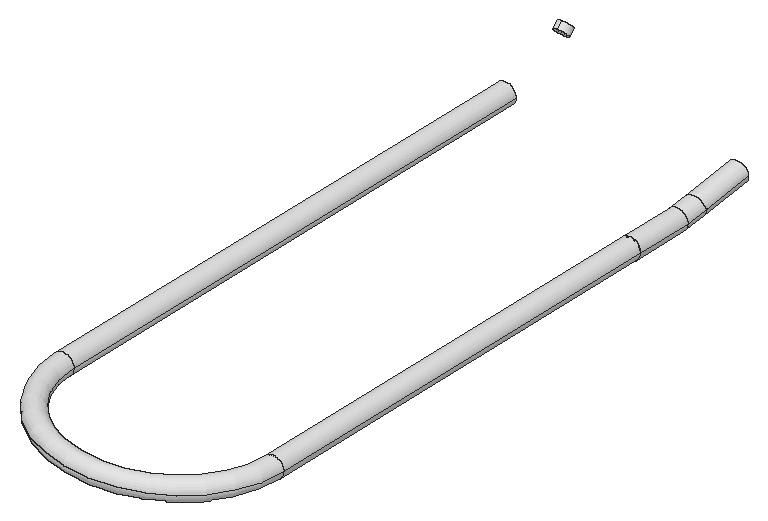
Revit family "Deca_Ducha higiênica com registro_Max_1984.34.ACT", category Plumbing Fixtures, host Face, Revit 2020
Family settings
  Host = Face
  Round Connector Dimension = Use Radius
  Part Type = Normal
  Cut with Voids When Loaded = No
  Shared = No
  Room Calculation Point = No
Parameters (values of type "1984.C34.ACT_Cromado")
  Vazão na Pressão mín. (L/min) = "4"
  Vazão na Pressão máx. (L/min) = "6"
  URL = "www.deca.com.br"
  Tipo de rosca de saída = ""
  Tipo de rosca de entrada = "BSP NBR 8133"
  Tipo de mecanismo utilizado = "MVC -1/4 volta"
  Tipo de dispositivo economizador = "Sim"
  Segmento = "Banheiro Competitivo (D41)"
  Saída de Esgoto = ""
  Raio Água Fria = 0.0075 m  # constant formula
  Pressão mín. funcionamento = "2"
  Pressão mín. Aquec. Passagem = ""
  Pressão mín. Aquec. Acúmulo = ""
  Pressão máx. funcionamento = "40"
  Peso Líquido (Kg) = 0.681
  Norma = "NBR14877"
  Model = "1984.C34.ACT"
  Material Secundário = Deca_Branco
  Material = Deca_Cromado
  Manufacturer = "DECA"
  Linha = "Max"
  Itens de Instalação = ""
  Informações Complementares = ""
  Default Elevation = 0.70 m
  Diâmetro Água Fria = 2 * Raio Água Fria  # 0.015 m
  Código Pai = "1984.34.ACT"
  Criado por = "quattroD"
  Cores Componente = ""
  Cor Secundária = "Branco"
  Cor Principal = "Cromado"
  Cor Interna = ""
  Consumo = "Otimização do jato de água"
  Composição Componente = ""
  Composição Básica = "Liga cobre (bronze e latão);Aço;Plástico de Engenharia;Elastômeros"
  Composição Assento = ""
  Composição Anel Vedação = ""
  Categoria = "Metais para banheiro"
  Atendimento ao Cliente = "0800-0117073"
  Aprovado por = "quattroD"
  Acompanha o Produto = ""
Reference planes (m)
  plane 1 "Center (Front/Back)": y = 0
  plane 2: z = 0
  plane 3 "Center (Left/Right)": x = 0
Forms (m)
  Sweep 1, solid, material "Deca_Cromado" <- "Material"
    path origin (-0.000012, -0.693563, 0.034155) x (0, -1, 0) y (0.996195, 0, -0.087156)
      loop
        line (-0.659743, 0.000001) -> (-0.134541, 0.000001)
        arc (-0.134541, 0.000001) -> (-0.034362, 0.10018) -> (-0.134541, 0.20036) r 0.100179
        line (-0.134541, 0.20036) -> (-0.558206, 0.20036)
    profile origin (-0.00001, -0.296421, 0.034155) x (0.996195, 0, -0.087156) y (0.087156, 0, 0.996195)
      loop
        circle (0, 0) r 0.01
  Sweep 2, solid, material "Deca_Cromado" <- "Material"
    path origin (0.303261, 0.091519, 1.199229) x (0, 1, 0) y (0.087156, 0, 0.996195)
      loop
        line (-0.227488, -1.187053) -> (-0.170394, -1.187053)
        arc (-0.170394, -1.187053) -> (-0.159761, -1.186496) -> (-0.149244, -1.18483) r 0.101728
        arc (-0.149244, -1.18483) -> (-0.124484, -1.180241) -> (-0.099519, -1.176955) r 0.480979
    profile origin (0.199802, -0.107422, 0.016692) x (0.087156, 0, 0.996195) y (0.996195, 0, -0.087156)
      loop
        spline (-0.000077, -0.010216) -> (0.002481, -0.009876) -> (0.004864, -0.008877) -> (0.00691, -0.007287) -> (0.008481, -0.005216) -> (0.009468, -0.002805) -> (0.009804, -0.000216) -> (0.009468, 0.002372) -> (0.008481, 0.004784) -> (0.00691, 0.006855) -> (0.004864, 0.008444) -> (0.002481, 0.009443) -> (-0.000077, 0.009784)
        spline (-0.000077, 0.009784) -> (-0.002634, 0.009443) -> (-0.005017, 0.008444) -> (-0.007064, 0.006855) -> (-0.008634, 0.004784) -> (-0.009621, 0.002372) -> (-0.009958, -0.000216) -> (-0.009621, -0.002805) -> (-0.008634, -0.005216) -> (-0.007064, -0.007287) -> (-0.005017, -0.008877) -> (-0.002634, -0.009876) -> (-0.000077, -0.010216)
  Extrusion 3, solid, material "Deca_Cromado" <- "Material"
    sketch origin (0, 0.030998, 0.054144) x (0, -0.707107, 0.707107) y (1, 0, 0)
      loop
        circle (0, 0) r 0.006867
    from 0.002956 to 0.010319
Lines and regions (m)
  Masking region 1
    outline origin (-1.329759, -0.905957, 0.027128) x (0, -1, 0) y (1, 0, 0)
      loop
        line (-0.872639, 1.322756) -> (-0.346268, 1.322756)
        arc (-0.346268, 1.322756) -> (-0.239282, 1.429742) -> (-0.346268, 1.536728) r 0.106986
        line (-0.346268, 1.536728) -> (-0.89859, 1.53673) -> (-0.89859, 1.546735) -> (-0.921226, 1.546735)
        arc (-0.921226, 1.546735) -> (-0.921808, 1.546548) -> (-0.922173, 1.546057) r 0.001
        arc (-0.922173, 1.546057) -> (-0.922781, 1.544144) -> (-0.923312, 1.542208) r 0.050752
        arc (-0.923312, 1.542208) -> (-0.92368, 1.542795) -> (-0.92422, 1.543229) r 0.002071
        line (-0.92422, 1.543229) -> (-0.958041, 1.541582) -> (-0.986034, 1.538272)
        arc (-0.986034, 1.538272) -> (-0.98829, 1.54047) -> (-0.991041, 1.542003) r 0.011964
        arc (-0.991041, 1.542003) -> (-0.992856, 1.54253) -> (-0.994738, 1.542707) r 0.010056
        line (-0.994738, 1.542707) -> (-1.007203, 1.542707)
        arc (-1.007203, 1.542707) -> (-1.01292, 1.541124) -> (-1.017477, 1.537324) r 0.014066
        arc (-1.017477, 1.537324) -> (-1.019818, 1.52983) -> (-1.017585, 1.522302) r 0.013479
        arc (-1.017585, 1.522302) -> (-1.012638, 1.518218) -> (-1.006392, 1.516755) r 0.014066
        line (-1.006392, 1.516755) -> (-0.994467, 1.516755)
        arc (-0.994467, 1.516755) -> (-0.992724, 1.516955) -> (-0.991041, 1.517455) r 0.010056
        arc (-0.991041, 1.517455) -> (-0.98829, 1.518989) -> (-0.986034, 1.521186) r 0.011964
        line (-0.986034, 1.521186) -> (-0.958041, 1.517877) -> (-0.924188, 1.516228)
        arc (-0.924188, 1.516228) -> (-0.923664, 1.516661) -> (-0.923308, 1.51724) r 0.002071
        arc (-0.923308, 1.51724) -> (-0.922778, 1.515313) -> (-0.922173, 1.513408) r 0.050752
        arc (-0.922173, 1.513408) -> (-0.921808, 1.512916) -> (-0.921226, 1.512729) r 0.001
        line (-0.921226, 1.512729) -> (-0.89859, 1.512729) -> (-0.89859, 1.522728) -> (-0.346268, 1.522728)
        arc (-0.346268, 1.522728) -> (-0.253293, 1.429753) -> (-0.346268, 1.336778) r 0.092975
        line (-0.346268, 1.336778) -> (-0.872639, 1.336778) -> (-0.872639, 1.322756)
  Masking region 2
    outline origin (0, -1.887733, -0.761901) x (0, 1, 0) y (0, 0, 1)
      loop
        arc (1.222553, 0.791128) -> (1.21907, 0.783659) -> (1.224898, 0.777831) r 0.007184
        arc (1.224898, 0.777831) -> (1.249708, 0.774344) -> (1.274702, 0.772597) r 0.35895
        line (1.274702, 0.772597) -> (1.809702, 0.772597) -> (1.87258, 0.780317)
        arc (1.87258, 0.780317) -> (1.874328, 0.777788) -> (1.875175, 0.774832) r 0.009492
        line (1.875175, 0.774832) -> (1.873173, 0.774832) -> (1.865153, 0.764883) -> (1.865153, 0.761901) -> (1.910312, 0.761901) -> (1.910312, 0.764884) -> (1.906013, 0.770194) -> (1.906013, 0.781061) -> (1.905731, 0.782314) -> (1.90734, 0.782387) -> (1.907688, 0.780417) -> (1.941201, 0.787997) -> (1.964526, 0.794968) -> (1.975447, 0.771682) -> (1.976509, 0.769418) -> (1.97846, 0.766645)
        arc (1.97846, 0.766645) -> (1.978909, 0.766332) -> (1.979454, 0.766381) r 0.0008
        line (1.979454, 0.766381) -> (2.000501, 0.776253)
        arc (2.000501, 0.776253) -> (2.000887, 0.776641) -> (2.000933, 0.777186) r 0.0008
        line (2.000933, 0.777186) -> (2.000048, 0.780459) -> (1.991858, 0.797921)
        arc (1.991858, 0.797921) -> (1.991841, 0.798304) -> (1.992099, 0.798587) r 0.0005
        line (1.992099, 0.798587) -> (1.995171, 0.800025) -> (1.991355, 0.808176) -> (1.988282, 0.806737)
        arc (1.988282, 0.806737) -> (1.985121, 0.814224) -> (1.980507, 0.820914) r 0.0399
        arc (1.980507, 0.820914) -> (1.979732, 0.821562) -> (1.978785, 0.821915) r 0.003
        line (1.978785, 0.821915) -> (1.969597, 0.823664)
        arc (1.969597, 0.823664) -> (1.952053, 0.826389) -> (1.934406, 0.828334) r 0.4
        line (1.934406, 0.828334) -> (1.923206, 0.839533)
        arc (1.923206, 0.839533) -> (1.918329, 0.842793) -> (1.913234, 0.845703) r 0.083735
        arc (1.913234, 0.845703) -> (1.912505, 0.846101) -> (1.911727, 0.84581) r 0.001
        line (1.911727, 0.84581) -> (1.907643, 0.841725) -> (1.920514, 0.828854) -> (1.915412, 0.823544) -> (1.916429, 0.822527) -> (1.914339, 0.820437) -> (1.911599, 0.823176) -> (1.903472, 0.820999) -> (1.897696, 0.815222) -> (1.897696, 0.812979) -> (1.898297, 0.812378) -> (1.897076, 0.811157) -> (1.896146, 0.810908)
        arc (1.896146, 0.810908) -> (1.893098, 0.808918) -> (1.889525, 0.80822) r 0.0095
        line (1.889525, 0.80822) -> (1.865949, 0.80822) -> (1.865949, 0.805823) -> (1.86386, 0.805823) -> (1.86386, 0.806629) -> (1.853913, 0.806629) -> (1.853913, 0.802901) -> (1.318497, 0.802901)
        arc (1.318497, 0.802901) -> (1.282851, 0.801967) -> (1.247304, 0.79917) r 0.681084
        arc (1.247304, 0.79917) -> (1.234506, 0.796449) -> (1.222553, 0.791128) r 0.062585
  Masking region 3
    outline origin (-1.157944, -0.967681, 0) x (1, 0, 0) y (0, 1, 0)
      loop
        arc (1.344937, 1.056462) -> (1.345115, 1.05458) -> (1.345641, 1.052765) r 0.010056
        arc (1.345641, 1.052765) -> (1.347174, 1.050014) -> (1.349372, 1.047758) r 0.011964
        line (1.349372, 1.047758) -> (1.346062, 1.019765) -> (1.344414, 0.985912)
        arc (1.344414, 0.985912) -> (1.344847, 0.985388) -> (1.345426, 0.985032) r 0.002071
        arc (1.345426, 0.985032) -> (1.343498, 0.984502) -> (1.341593, 0.983897) r 0.050752
        arc (1.341593, 0.983897) -> (1.341102, 0.983532) -> (1.340915, 0.98295) r 0.001
        line (1.340915, 0.98295) -> (1.340915, 0.960314) -> (1.350913, 0.960314) -> (1.350913, 0.407992)
        arc (1.350913, 0.407992) -> (1.257939, 0.315017) -> (1.164964, 0.407992) r 0.092975
        line (1.164964, 0.407992) -> (1.164964, 0.934363) -> (1.17028, 0.935795) -> (1.17028, 0.944199) -> (1.168315, 0.944199) -> (1.168315, 0.946309) -> (1.170513, 0.946309) -> (1.170513, 0.949281)
        arc (1.170513, 0.949281) -> (1.180744, 0.967681) -> (1.171549, 0.986621) r 0.022809
        arc (1.171549, 0.986621) -> (1.171911, 0.98745) -> (1.172237, 0.988293) r 0.021941
        line (1.172237, 0.988293) -> (1.172237, 0.994139)
        arc (1.172237, 0.994139) -> (1.170243, 0.998881) -> (1.166911, 1.002801) r 0.01686
        arc (1.166911, 1.002801) -> (1.167919, 1.003005) -> (1.168944, 1.003073) r 0.007721
        line (1.168944, 1.003073) -> (1.182944, 1.003073)
        arc (1.182944, 1.003073) -> (1.183651, 1.003366) -> (1.183944, 1.004073) r 0.001
        line (1.183944, 1.004073) -> (1.183944, 1.01345)
        arc (1.183944, 1.01345) -> (1.183725, 1.014075) -> (1.183163, 1.014426) r 0.001
        arc (1.183163, 1.014426) -> (1.17578, 1.015824) -> (1.16832, 1.016726) r 0.112578
        arc (1.16832, 1.016726) -> (1.1652, 1.017797) -> (1.162944, 1.020204) r 0.006837
        line (1.162944, 1.020204) -> (1.162944, 1.028299)
        arc (1.162944, 1.028299) -> (1.162664, 1.028994) -> (1.16198, 1.029299) r 0.001
        arc (1.16198, 1.029299) -> (1.157944, 1.029371) -> (1.153908, 1.029299) r 0.112608
        arc (1.153908, 1.029299) -> (1.153225, 1.028994) -> (1.152944, 1.028299) r 0.001
        line (1.152944, 1.028299) -> (1.152944, 1.020204)
        arc (1.152944, 1.020204) -> (1.150689, 1.017797) -> (1.147568, 1.016726) r 0.006837
        arc (1.147568, 1.016726) -> (1.140109, 1.015824) -> (1.132726, 1.014426) r 0.112578
        arc (1.132726, 1.014426) -> (1.132164, 1.014075) -> (1.131944, 1.01345) r 0.001
        line (1.131944, 1.01345) -> (1.131944, 1.004073)
        arc (1.131944, 1.004073) -> (1.132237, 1.003366) -> (1.132944, 1.003073) r 0.001
        line (1.132944, 1.003073) -> (1.146944, 1.003073)
        arc (1.146944, 1.003073) -> (1.14797, 1.003005) -> (1.148977, 1.002801) r 0.007721
        arc (1.148977, 1.002801) -> (1.145646, 0.998881) -> (1.143651, 0.994139) r 0.01686
        line (1.143651, 0.994139) -> (1.143651, 0.988293)
        arc (1.143651, 0.988293) -> (1.143978, 0.98745) -> (1.144339, 0.986621) r 0.021941
        arc (1.144339, 0.986621) -> (1.135144, 0.967681) -> (1.145376, 0.949281) r 0.022809
        line (1.145376, 0.949281) -> (1.145376, 0.946309) -> (1.14757, 0.946309) -> (1.14757, 0.944199) -> (1.145608, 0.944199) -> (1.145608, 0.935854) -> (1.150941, 0.934363) -> (1.150941, 0.407992)
        arc (1.150941, 0.407992) -> (1.257927, 0.301006) -> (1.364916, 0.407992) r 0.106986
        line (1.364916, 0.407992) -> (1.364916, 0.960314) -> (1.374921, 0.960314) -> (1.374921, 0.98295)
        arc (1.374921, 0.98295) -> (1.374734, 0.983532) -> (1.374242, 0.983897) r 0.001
        arc (1.374242, 0.983897) -> (1.372329, 0.984505) -> (1.370394, 0.985037) r 0.050752
        arc (1.370394, 0.985037) -> (1.370981, 0.985404) -> (1.371414, 0.985944) r 0.002071
        line (1.371414, 0.985944) -> (1.369767, 1.019765) -> (1.366458, 1.047758)
        arc (1.366458, 1.047758) -> (1.368656, 1.050014) -> (1.370189, 1.052765) r 0.011964
        arc (1.370189, 1.052765) -> (1.370715, 1.05458) -> (1.370893, 1.056462) r 0.010056
        line (1.370893, 1.056462) -> (1.370893, 1.068927)
        arc (1.370893, 1.068927) -> (1.369309, 1.074644) -> (1.36551, 1.079201) r 0.014066
        arc (1.36551, 1.079201) -> (1.357918, 1.081542) -> (1.350326, 1.079201) r 0.013479
        arc (1.350326, 1.079201) -> (1.346339, 1.074273) -> (1.34492, 1.068095) r 0.014066
        line (1.34492, 1.068095) -> (1.344937, 1.056462)
  Masking region 4
    outline origin (1.377657, 0, -1.372912) x (-1, 0, 0) y (0, 0, 1)
      loop
        arc (1.194683, 1.38068) -> (1.215415, 1.382279) -> (1.236077, 1.384613) r 0.586123
        arc (1.236077, 1.384613) -> (1.275811, 1.387792) -> (1.315579, 1.390497) r 3.346225
        arc (1.315579, 1.390497) -> (1.340419, 1.392533) -> (1.365158, 1.395551) r 0.629156
        line (1.365158, 1.395551) -> (1.365158, 1.385658) -> (1.362982, 1.385658) -> (1.355077, 1.375895) -> (1.355077, 1.372912) -> (1.400236, 1.372912) -> (1.400236, 1.375895) -> (1.392331, 1.385658) -> (1.390162, 1.385658) -> (1.390162, 1.412444) -> (1.391959, 1.416148) -> (1.391959, 1.421924) -> (1.389509, 1.427429) -> (1.386445, 1.430493)
        arc (1.386445, 1.430493) -> (1.387539, 1.430735) -> (1.388657, 1.430817) r 0.007721
        line (1.388657, 1.430817) -> (1.402657, 1.430817)
        arc (1.402657, 1.430817) -> (1.40334, 1.430911) -> (1.403657, 1.431524) r 0.00075
        line (1.403657, 1.431524) -> (1.403657, 1.441194)
        arc (1.403657, 1.441194) -> (1.403438, 1.441819) -> (1.402875, 1.442169) r 0.000998
        arc (1.402875, 1.442169) -> (1.39646, 1.443406) -> (1.389985, 1.44428) r 0.116184
        arc (1.389985, 1.44428) -> (1.387909, 1.444607) -> (1.385875, 1.44514) r 0.02097
        arc (1.385875, 1.44514) -> (1.383951, 1.446435) -> (1.382657, 1.448359) r 0.006043
        line (1.382657, 1.448359) -> (1.382657, 1.456043)
        arc (1.382657, 1.456043) -> (1.382381, 1.456733) -> (1.381705, 1.457042) r 0.001
        arc (1.381705, 1.457042) -> (1.377657, 1.457115) -> (1.373608, 1.457042) r 0.112532
        arc (1.373608, 1.457042) -> (1.372933, 1.456733) -> (1.372657, 1.456043) r 0.001
        line (1.372657, 1.456043) -> (1.372657, 1.448359)
        arc (1.372657, 1.448359) -> (1.371362, 1.446435) -> (1.369438, 1.44514) r 0.006043
        arc (1.369438, 1.44514) -> (1.367405, 1.444607) -> (1.365328, 1.44428) r 0.02097
        arc (1.365328, 1.44428) -> (1.358853, 1.443406) -> (1.352438, 1.442169) r 0.116184
        arc (1.352438, 1.442169) -> (1.351875, 1.441819) -> (1.351657, 1.441194) r 0.000998
        line (1.351657, 1.441194) -> (1.351657, 1.431524)
        arc (1.351657, 1.431524) -> (1.351974, 1.430911) -> (1.352657, 1.430817) r 0.00075
        line (1.352657, 1.430817) -> (1.366657, 1.430817)
        arc (1.366657, 1.430817) -> (1.367778, 1.430735) -> (1.368876, 1.430491) r 0.007721
        line (1.368876, 1.430491) -> (1.365815, 1.427429) -> (1.363364, 1.421924) -> (1.363364, 1.415588)
        arc (1.363364, 1.415588) -> (1.278976, 1.408648) -> (1.194683, 1.400638) r 6.678176
        arc (1.194683, 1.400638) -> (1.194265, 1.404316) -> (1.193031, 1.407806) r 0.016376
        arc (1.193031, 1.407806) -> (1.192102, 1.409442) -> (1.190972, 1.410946) r 0.014776
        line (1.190972, 1.410946) -> (1.190683, 1.412024)
        arc (1.190683, 1.412024) -> (1.190337, 1.413334) -> (1.189456, 1.414364) r 0.003039
        arc (1.189456, 1.414364) -> (1.189117, 1.414607) -> (1.188772, 1.414841) r 0.01453
        arc (1.188772, 1.414841) -> (1.18742, 1.417253) -> (1.185683, 1.419404) r 0.016432
        line (1.185683, 1.419404) -> (1.185683, 1.436803)
        arc (1.185683, 1.436803) -> (1.184718, 1.438762) -> (1.182683, 1.439553) r 0.003011
        line (1.182683, 1.439553) -> (1.172683, 1.439553)
        arc (1.172683, 1.439553) -> (1.170648, 1.438762) -> (1.169683, 1.436803) r 0.003011
        line (1.169683, 1.436803) -> (1.169683, 1.419404)
        arc (1.169683, 1.419404) -> (1.16796, 1.417273) -> (1.166615, 1.414887) r 0.016432
        line (1.166615, 1.414887) -> (1.16591, 1.414364)
        arc (1.16591, 1.414364) -> (1.165029, 1.413334) -> (1.164683, 1.412024) r 0.003039
        line (1.164683, 1.412024) -> (1.164518, 1.411089)
        arc (1.164518, 1.411089) -> (1.163317, 1.409521) -> (1.162335, 1.407806) r 0.014776
        arc (1.162335, 1.407806) -> (1.161101, 1.404316) -> (1.160683, 1.400639) r 0.016376
        line (1.160683, 1.400639) -> (1.160683, 1.372912) -> (1.194683, 1.372912) -> (1.194683, 1.38068)
  symbolic lines
    curve 1: line (0.21347, 0.018263, 0.027128) -> (0.211823, 0.052084, 0.027128)
    curve 2: line (0.188118, 0.052084, 0.027128) -> (0.186469, 0.01823, 0.027128)
    curve 3: line (0.191971, 0.084668, 0.027128) -> (0.188118, 0.052084, 0.027128)
    curve 4: line (0.211823, 0.052084, 0.027128) -> (0.207971, 0.084668, 0.027128)
    curve 5: line (0.207971, 0.08197, 0.027128) -> (0.207971, 0.047895, 0.027128)
    curve 6: line (0.207971, 0.047895, 0.027128) -> (0.207893, 0.046124, 0.027128)
    curve 7: line (0.207893, 0.046124, 0.027128) -> (0.207794, 0.045247, 0.027128)
    curve 8: line (0.207794, 0.045247, 0.027128) -> (0.207651, 0.044376, 0.027128)
    curve 9: line (0.191971, 0.046874, 0.027128) -> (0.191971, 0.08197, 0.027128)
    curve 10: line (0.194971, 0.082496, 0.027128) -> (0.194971, 0.044578, 0.027128)
    curve 11: line (0.204971, 0.044578, 0.027128) -> (0.204971, 0.082496, 0.027128)
    curve 12: line (0.193026, 0.08792, 0.027128) -> (0.192679, 0.08695, 0.027128)
    curve 13: line (0.192679, 0.08695, 0.027128) -> (0.192407, 0.085955, 0.027128)
    curve 14: line (0.192407, 0.085955, 0.027128) -> (0.192205, 0.084945, 0.027128)
    curve 15: line (0.192205, 0.084945, 0.027128) -> (0.192027, 0.083462, 0.027128)
    curve 16: line (0.191971, 0.083462, 0.027128) -> (0.191971, 0.093845, 0.027128)
    curve 17: line (0.207971, 0.093845, 0.027128) -> (0.207971, 0.08197, 0.027128)
    curve 18: line (0.207971, 0.08197, 0.027128) -> (0.207971, 0.04671, 0.027128)
    curve 19: line (0.207971, 0.047895, 0.027128) -> (0.207893, 0.046124, 0.027128)
    curve 20: line (0.207893, 0.046124, 0.027128) -> (0.207794, 0.045247, 0.027128)
    curve 21: line (0.207794, 0.045247, 0.027128) -> (0.207651, 0.044376, 0.027128)
    curve 22: arc (0.207971, 0.093845, 0.027128) -> (0.205456, 0.099133, 0.027128) -> (0.199971, 0.101182, 0.027128) r 0.007801
    curve 23: arc (0.191971, 0.093845, 0.027128) -> (0.194485, 0.099133, 0.027128) -> (0.199971, 0.101182, 0.027128) r 0.007801
    curve 24: line (0.199971, 0.101182, 0.027128) -> (0.199971, 0.091719, 0.027128)
    curve 25: arc (0.199971, 0.093407, 0.027128) -> (0.198341, 0.093208, 0.027128) -> (0.19683, 0.092566, 0.027128) r 0.005871
    curve 26: arc (0.19683, 0.092566, 0.027128) -> (0.194527, 0.090571, 0.027128) -> (0.193026, 0.08792, 0.027128) r 0.008943
    curve 27: arc (0.199971, 0.093407, 0.027128) -> (0.2016, 0.093208, 0.027128) -> (0.203111, 0.092566, 0.027128) r 0.005871
    curve 28: arc (0.203111, 0.092566, 0.027128) -> (0.205414, 0.090571, 0.027128) -> (0.206915, 0.08792, 0.027128) r 0.008943
    curve 29: line (0.206915, 0.08792, 0.027128) -> (0.207262, 0.08695, 0.027128)
    curve 30: line (0.207262, 0.08695, 0.027128) -> (0.207534, 0.085955, 0.027128)
    curve 31: line (0.207534, 0.085955, 0.027128) -> (0.207736, 0.084945, 0.027128)
    curve 32: line (0.207736, 0.084945, 0.027128) -> (0.207914, 0.083462, 0.027128)
    curve 33: arc (0.199971, 0.091719, 0.027128) -> (0.198521, 0.091373, 0.027128) -> (0.197324, 0.090485, 0.027128) r 0.003706
    curve 34: arc (0.197324, 0.090485, 0.027128) -> (0.196139, 0.088754, 0.027128) -> (0.195436, 0.086779, 0.027128) r 0.008141
    curve 35: arc (0.195436, 0.086779, 0.027128) -> (0.195087, 0.08465, 0.027128) -> (0.194971, 0.082496, 0.027128) r 0.01994
    curve 36: arc (0.199971, 0.091719, 0.027128) -> (0.20142, 0.091373, 0.027128) -> (0.202617, 0.090485, 0.027128) r 0.003706
    curve 37: arc (0.202617, 0.090485, 0.027128) -> (0.203802, 0.088754, 0.027128) -> (0.204505, 0.086779, 0.027128) r 0.008141
    curve 38: arc (0.204505, 0.086779, 0.027128) -> (0.204854, 0.08465, 0.027128) -> (0.204971, 0.082496, 0.027128) r 0.01994
    curve 39: arc (0.194971, 0.082496, 0.027128) -> (0.193442, 0.082398, 0.027128) -> (0.191971, 0.08197, 0.027128) r 0.006996
    curve 40: arc (0.204971, 0.082496, 0.027128) -> (0.206499, 0.082398, 0.027128) -> (0.207971, 0.08197, 0.027128) r 0.006996
    curve 41: arc (0.195771, 0.100089, 0.027128) -> (0.19231, 0.09847, 0.027128) -> (0.189512, 0.095867, 0.027128) r 0.01231
    curve 42: arc (0.189512, 0.095867, 0.027128) -> (0.18792, 0.093172, 0.027128) -> (0.187087, 0.090155, 0.027128) r 0.011879
    curve 43: arc (0.187087, 0.090155, 0.027128) -> (0.187065, 0.08758, 0.027128) -> (0.187697, 0.085084, 0.027128) r 0.010056
    curve 44: arc (0.187697, 0.085084, 0.027128) -> (0.18923, 0.082333, 0.027128) -> (0.191428, 0.080077, 0.027128) r 0.011964
    curve 45: arc (0.20417, 0.100089, 0.027128) -> (0.207631, 0.09847, 0.027128) -> (0.210429, 0.095867, 0.027128) r 0.01231
    curve 46: arc (0.210429, 0.095867, 0.027128) -> (0.212021, 0.093172, 0.027128) -> (0.212854, 0.090155, 0.027128) r 0.011879
    curve 47: arc (0.212854, 0.090155, 0.027128) -> (0.212877, 0.08758, 0.027128) -> (0.212244, 0.085084, 0.027128) r 0.010056
    curve 48: arc (0.212244, 0.085084, 0.027128) -> (0.210711, 0.082333, 0.027128) -> (0.208513, 0.080077, 0.027128) r 0.011964
    curve 49: arc (0.199971, 0.111886, 0.027128) -> (0.195655, 0.111165, 0.027128) -> (0.191739, 0.109212, 0.027128) r 0.014792
    curve 50: arc (0.191739, 0.109212, 0.027128) -> (0.188324, 0.105384, 0.027128) -> (0.186975, 0.100435, 0.027128) r 0.011191
    curve 51: arc (0.199971, 0.111886, 0.027128) -> (0.204286, 0.111165, 0.027128) -> (0.208202, 0.109212, 0.027128) r 0.014792
    curve 52: arc (0.208202, 0.109212, 0.027128) -> (0.211533, 0.105536, 0.027128) -> (0.212948, 0.100781, 0.027128) r 0.011191
    curve 53: arc (0.19297, 0.006887, 0.027128) -> (0.199974, 0.006465, 0.027128) -> (0.206977, 0.006888, 0.027128) r 0.05825
    curve 54: arc (0.19297, 0.005204, 0.027128) -> (0.199974, 0.004765, 0.027128) -> (0.206977, 0.005204, 0.027128) r 0.056151
    curve 55: line (0.19297, 0.014393, 0.027128) -> (0.19297, -0.007368, 0.027128)
    curve 56: line (0.19297, -0.007368, 0.027128) -> (0.182971, -0.007368, 0.027128)
    curve 57: line (0.182971, -0.007368, 0.027128) -> (0.182971, 0.015269, 0.027128)
    curve 58: arc (0.19297, 0.014393, 0.027128) -> (0.192727, 0.015047, 0.027128) -> (0.192115, 0.015382, 0.027128) r 0.001
    curve 59: arc (0.187484, 0.017352, 0.027128) -> (0.185555, 0.016821, 0.027128) -> (0.183649, 0.016216, 0.027128) r 0.050752
    curve 60: arc (0.182971, 0.015269, 0.027128) -> (0.183158, 0.015851, 0.027128) -> (0.183649, 0.016216, 0.027128) r 0.001
    curve 61: arc (0.192115, 0.015382, 0.027128) -> (0.19019, 0.015762, 0.027128) -> (0.188312, 0.016331, 0.027128) r 0.019731
    curve 62: arc (0.188312, 0.016331, 0.027128) -> (0.187794, 0.016757, 0.027128) -> (0.187484, 0.017352, 0.027128) r 0.001681
    curve 63: line (0.206977, 0.014393, 0.027128) -> (0.206977, -0.007368, 0.027128)
    curve 64: line (0.206977, -0.007368, 0.027128) -> (0.216976, -0.007368, 0.027128)
    curve 65: line (0.216976, -0.007368, 0.027128) -> (0.216976, 0.015269, 0.027128)
    curve 66: arc (0.206977, 0.014393, 0.027128) -> (0.20722, 0.015047, 0.027128) -> (0.207832, 0.015382, 0.027128) r 0.001
    curve 67: arc (0.212463, 0.017352, 0.027128) -> (0.214392, 0.016821, 0.027128) -> (0.216298, 0.016216, 0.027128) r 0.050752
    curve 68: arc (0.216976, 0.015269, 0.027128) -> (0.216789, 0.015851, 0.027128) -> (0.216298, 0.016216, 0.027128) r 0.001
    curve 69: arc (0.207832, 0.015382, 0.027128) -> (0.209757, 0.015762, 0.027128) -> (0.211635, 0.016331, 0.027128) r 0.019731
    curve 70: arc (0.211635, 0.016331, 0.027128) -> (0.212153, 0.016757, 0.027128) -> (0.212463, 0.017352, 0.027128) r 0.001681
    curve 71: line (0.192133, 0.04418, 0.027128) -> (0.207813, 0.04418, 0.027128)
    curve 72: arc (0.192133, 0.04418, 0.027128) -> (0.192028, 0.045526, 0.027128) -> (0.191971, 0.046874, 0.027128) r 0.038017
    curve 73: arc (0.207813, 0.04418, 0.027128) -> (0.207913, 0.045444, 0.027128) -> (0.207971, 0.04671, 0.027128) r 0.038017
    curve 74: arc (0.21347, 0.018263, 0.027128) -> (0.212936, 0.017638, 0.027128) -> (0.2122, 0.017271, 0.027128) r 0.002071
    curve 75: arc (0.2122, 0.017271, 0.027128) -> (0.199961, 0.015903, 0.027128) -> (0.187721, 0.017271, 0.027128) r 0.055458
    curve 76: arc (0.186469, 0.01823, 0.027128) -> (0.187, 0.017627, 0.027128) -> (0.187721, 0.017271, 0.027128) r 0.002071
    curve 77: arc (0.191971, 0.050522, 0.027128) -> (0.190352, 0.050819, 0.027128) -> (0.188797, 0.051354, 0.027128) r 0.011039
    curve 78: arc (0.188797, 0.051354, 0.027128) -> (0.188377, 0.051638, 0.027128) -> (0.188093, 0.052057, 0.027128) r 0.001341
    curve 79: arc (0.207971, 0.050522, 0.027128) -> (0.209591, 0.050819, 0.027128) -> (0.211149, 0.051354, 0.027128) r 0.011039
    curve 80: arc (0.211149, 0.051354, 0.027128) -> (0.211568, 0.051638, 0.027128) -> (0.211852, 0.052057, 0.027128) r 0.001341
    curve 81: arc (0.192133, 0.04418, 0.027128) -> (0.199973, 0.044848, 0.027128) -> (0.207813, 0.04418, 0.027128) r 0.046313
    curve 82: line (-0.010003, -0.038668, 0.027128) -> (0.009997, -0.038668, 0.027128)
    curve 83: line (-0.007003, -0.033318, 0.027128) -> (-0.007003, -0.55969, 0.027128)
    curve 84: line (0.00702, -0.033318, 0.027128) -> (0.00702, -0.55969, 0.027128)
    curve 85: line (-0.010003, -0.046168, 0.027128) -> (0.009997, -0.046168, 0.027128)
    curve 86: line (-0.010003, -0.053668, 0.027128) -> (0.009997, -0.053668, 0.027128)
    curve 87: line (-0.010003, -0.061168, 0.027128) -> (0.009997, -0.061168, 0.027128)
    curve 88: line (-0.010003, -0.068668, 0.027128) -> (0.009997, -0.068668, 0.027128)
    curve 89: line (-0.010003, -0.076168, 0.027128) -> (0.009997, -0.076168, 0.027128)
    curve 90: line (-0.010003, -0.083668, 0.027128) -> (0.009997, -0.083668, 0.027128)
    curve 91: line (-0.010003, -0.091168, 0.027128) -> (0.009997, -0.091168, 0.027128)
    curve 92: line (-0.010003, -0.098668, 0.027128) -> (0.009997, -0.098668, 0.027128)
    curve 93: line (-0.010003, -0.106168, 0.027128) -> (0.009997, -0.106168, 0.027128)
    curve 94: line (-0.010003, -0.113668, 0.027128) -> (0.009997, -0.113668, 0.027128)
    curve 95: line (-0.010003, -0.121168, 0.027128) -> (0.009997, -0.121168, 0.027128)
    curve 96: line (-0.010003, -0.128668, 0.027128) -> (0.009997, -0.128668, 0.027128)
    curve 97: line (-0.010003, -0.136168, 0.027128) -> (0.009997, -0.136168, 0.027128)
    curve 98: line (-0.010003, -0.143668, 0.027128) -> (0.009997, -0.143668, 0.027128)
    curve 99: line (-0.010003, -0.151168, 0.027128) -> (0.009997, -0.151168, 0.027128)
    curve 100: line (-0.010003, -0.158668, 0.027128) -> (0.009997, -0.158668, 0.027128)
    curve 101: line (-0.010003, -0.166168, 0.027128) -> (0.009997, -0.166168, 0.027128)
    curve 102: line (-0.010003, -0.173668, 0.027128) -> (0.009997, -0.173668, 0.027128)
    curve 103: line (-0.010003, -0.181168, 0.027128) -> (0.009997, -0.181168, 0.027128)
    curve 104: line (-0.010003, -0.188668, 0.027128) -> (0.009997, -0.188668, 0.027128)
    curve 105: line (-0.010003, -0.196168, 0.027128) -> (0.009997, -0.196168, 0.027128)
    curve 106: line (-0.010003, -0.203668, 0.027128) -> (0.009997, -0.203668, 0.027128)
    curve 107: line (-0.010003, -0.211168, 0.027128) -> (0.009997, -0.211168, 0.027128)
    curve 108: line (-0.010003, -0.218668, 0.027128) -> (0.009997, -0.218668, 0.027128)
    curve 109: line (-0.010003, -0.226168, 0.027128) -> (0.009997, -0.226168, 0.027128)
    curve 110: line (-0.010003, -0.233668, 0.027128) -> (0.009997, -0.233668, 0.027128)
    curve 111: line (-0.010003, -0.241168, 0.027128) -> (0.009997, -0.241168, 0.027128)
    curve 112: line (-0.010003, -0.248668, 0.027128) -> (0.009997, -0.248668, 0.027128)
    curve 113: line (-0.010003, -0.256168, 0.027128) -> (0.009997, -0.256168, 0.027128)
    curve 114: line (-0.010003, -0.263668, 0.027128) -> (0.009997, -0.263668, 0.027128)
    curve 115: line (-0.010003, -0.271168, 0.027128) -> (0.009997, -0.271168, 0.027128)
    curve 116: line (-0.010003, -0.278668, 0.027128) -> (0.009997, -0.278668, 0.027128)
    curve 117: line (-0.010003, -0.286168, 0.027128) -> (0.009997, -0.286168, 0.027128)
    curve 118: line (-0.010003, -0.293668, 0.027128) -> (0.009997, -0.293668, 0.027128)
    curve 119: line (-0.010003, -0.301168, 0.027128) -> (0.009997, -0.301168, 0.027128)
    curve 120: line (-0.010003, -0.308668, 0.027128) -> (0.009997, -0.308668, 0.027128)
    curve 121: line (-0.010003, -0.316168, 0.027128) -> (0.009997, -0.316168, 0.027128)
    curve 122: line (-0.010003, -0.323668, 0.027128) -> (0.009997, -0.323668, 0.027128)
    curve 123: line (-0.010003, -0.331168, 0.027128) -> (0.009997, -0.331168, 0.027128)
    curve 124: line (-0.010003, -0.338668, 0.027128) -> (0.009997, -0.338668, 0.027128)
    curve 125: line (-0.010003, -0.346168, 0.027128) -> (0.009997, -0.346168, 0.027128)
    curve 126: line (-0.010003, -0.353668, 0.027128) -> (0.009997, -0.353668, 0.027128)
    curve 127: line (-0.010003, -0.361168, 0.027128) -> (0.009997, -0.361168, 0.027128)
    curve 128: line (-0.010003, -0.368668, 0.027128) -> (0.009997, -0.368668, 0.027128)
    curve 129: line (-0.010003, -0.376168, 0.027128) -> (0.009997, -0.376168, 0.027128)
    curve 130: line (-0.010003, -0.383668, 0.027128) -> (0.009997, -0.383668, 0.027128)
    curve 131: line (-0.010003, -0.391168, 0.027128) -> (0.009997, -0.391168, 0.027128)
    curve 132: line (-0.010003, -0.398668, 0.027128) -> (0.009997, -0.398668, 0.027128)
    curve 133: line (-0.010003, -0.406168, 0.027128) -> (0.009997, -0.406168, 0.027128)
    curve 134: line (-0.010003, -0.413668, 0.027128) -> (0.009997, -0.413668, 0.027128)
    curve 135: line (-0.010003, -0.421168, 0.027128) -> (0.009997, -0.421168, 0.027128)
    curve 136: line (-0.010003, -0.428668, 0.027128) -> (0.009997, -0.428668, 0.027128)
    curve 137: line (-0.010003, -0.436168, 0.027128) -> (0.009997, -0.436168, 0.027128)
    curve 138: line (-0.010003, -0.443668, 0.027128) -> (0.009997, -0.443668, 0.027128)
    curve 139: line (-0.010003, -0.451168, 0.027128) -> (0.009997, -0.451168, 0.027128)
    curve 140: line (-0.010003, -0.458668, 0.027128) -> (0.009997, -0.458668, 0.027128)
    curve 141: line (-0.010003, -0.466168, 0.027128) -> (0.009997, -0.466168, 0.027128)
    curve 142: line (-0.010003, -0.473668, 0.027128) -> (0.009997, -0.473668, 0.027128)
    curve 143: line (-0.010003, -0.481168, 0.027128) -> (0.009997, -0.481168, 0.027128)
    curve 144: line (-0.010003, -0.488668, 0.027128) -> (0.009997, -0.488668, 0.027128)
    curve 145: line (-0.010003, -0.496168, 0.027128) -> (0.009997, -0.496168, 0.027128)
    curve 146: line (-0.010003, -0.503668, 0.027128) -> (0.009997, -0.503668, 0.027128)
    curve 147: line (-0.010003, -0.511168, 0.027128) -> (0.009997, -0.511168, 0.027128)
    curve 148: line (-0.010003, -0.518668, 0.027128) -> (0.009997, -0.518668, 0.027128)
    curve 149: line (-0.010003, -0.526168, 0.027128) -> (0.009997, -0.526168, 0.027128)
    curve 150: line (-0.010003, -0.533668, 0.027128) -> (0.009997, -0.533668, 0.027128)
    curve 151: line (-0.010003, -0.541168, 0.027128) -> (0.009997, -0.541168, 0.027128)
    curve 152: line (-0.010003, -0.548668, 0.027128) -> (0.009997, -0.548668, 0.027128)
    curve 153: line (-0.010003, -0.556168, 0.027128) -> (0.009997, -0.556168, 0.027128)
    curve 154: line (-0.010003, -0.563668, 0.027128) -> (0.009997, -0.563668, 0.027128)
    curve 155: line (0.189971, -0.035846, 0.027128) -> (0.209971, -0.035846, 0.027128)
    curve 156: line (0.189971, -0.043346, 0.027128) -> (0.209971, -0.043346, 0.027128)
    curve 157: line (0.189971, -0.050846, 0.027128) -> (0.209971, -0.050846, 0.027128)
    curve 158: line (0.189971, -0.058346, 0.027128) -> (0.209971, -0.058346, 0.027128)
    curve 159: line (0.189971, -0.065846, 0.027128) -> (0.209971, -0.065846, 0.027128)
    curve 160: line (0.189971, -0.073346, 0.027128) -> (0.209971, -0.073346, 0.027128)
    curve 161: line (0.189971, -0.080846, 0.027128) -> (0.209971, -0.080846, 0.027128)
    curve 162: line (0.189971, -0.088346, 0.027128) -> (0.209971, -0.088346, 0.027128)
    curve 163: line (0.189971, -0.095846, 0.027128) -> (0.209971, -0.095846, 0.027128)
    curve 164: line (0.189971, -0.103346, 0.027128) -> (0.209971, -0.103346, 0.027128)
    curve 165: line (0.189971, -0.110846, 0.027128) -> (0.209971, -0.110846, 0.027128)
    curve 166: line (0.189971, -0.118346, 0.027128) -> (0.209971, -0.118346, 0.027128)
    curve 167: line (0.189971, -0.125846, 0.027128) -> (0.209971, -0.125846, 0.027128)
    curve 168: line (0.189971, -0.133346, 0.027128) -> (0.209971, -0.133346, 0.027128)
    curve 169: line (0.189971, -0.140846, 0.027128) -> (0.209971, -0.140846, 0.027128)
    curve 170: line (0.189971, -0.148346, 0.027128) -> (0.209971, -0.148346, 0.027128)
    curve 171: line (0.189971, -0.155846, 0.027128) -> (0.209971, -0.155846, 0.027128)
    curve 172: line (0.189971, -0.163346, 0.027128) -> (0.209971, -0.163346, 0.027128)
    curve 173: line (0.189971, -0.170846, 0.027128) -> (0.209971, -0.170846, 0.027128)
    curve 174: line (0.189971, -0.178346, 0.027128) -> (0.209971, -0.178346, 0.027128)
    curve 175: line (0.189971, -0.185846, 0.027128) -> (0.209971, -0.185846, 0.027128)
    curve 176: line (0.189971, -0.193346, 0.027128) -> (0.209971, -0.193346, 0.027128)
    curve 177: line (0.189971, -0.200846, 0.027128) -> (0.209971, -0.200846, 0.027128)
    curve 178: line (0.189971, -0.208346, 0.027128) -> (0.209971, -0.208346, 0.027128)
    curve 179: line (0.189971, -0.215846, 0.027128) -> (0.209971, -0.215846, 0.027128)
    curve 180: line (0.189971, -0.223346, 0.027128) -> (0.209971, -0.223346, 0.027128)
    curve 181: line (0.189971, -0.230846, 0.027128) -> (0.209971, -0.230846, 0.027128)
    curve 182: line (0.189971, -0.238346, 0.027128) -> (0.209971, -0.238346, 0.027128)
    curve 183: line (0.189971, -0.245846, 0.027128) -> (0.209971, -0.245846, 0.027128)
    curve 184: line (0.189971, -0.253346, 0.027128) -> (0.209971, -0.253346, 0.027128)
    curve 185: line (0.189971, -0.260846, 0.027128) -> (0.209971, -0.260846, 0.027128)
    curve 186: line (0.189971, -0.268346, 0.027128) -> (0.209971, -0.268346, 0.027128)
    curve 187: line (0.189971, -0.275846, 0.027128) -> (0.209971, -0.275846, 0.027128)
    curve 188: line (0.189971, -0.283346, 0.027128) -> (0.209971, -0.283346, 0.027128)
    curve 189: line (0.189971, -0.290846, 0.027128) -> (0.209971, -0.290846, 0.027128)
    curve 190: line (0.189971, -0.298346, 0.027128) -> (0.209971, -0.298346, 0.027128)
    curve 191: line (0.189971, -0.305846, 0.027128) -> (0.209971, -0.305846, 0.027128)
    curve 192: line (0.189971, -0.313346, 0.027128) -> (0.209971, -0.313346, 0.027128)
    curve 193: line (0.189971, -0.320846, 0.027128) -> (0.209971, -0.320846, 0.027128)
    curve 194: line (0.189971, -0.328346, 0.027128) -> (0.209971, -0.328346, 0.027128)
    curve 195: line (0.189971, -0.335846, 0.027128) -> (0.209971, -0.335846, 0.027128)
    curve 196: line (0.189971, -0.343346, 0.027128) -> (0.209971, -0.343346, 0.027128)
    curve 197: line (0.189971, -0.350846, 0.027128) -> (0.209971, -0.350846, 0.027128)
    curve 198: line (0.189971, -0.358346, 0.027128) -> (0.209971, -0.358346, 0.027128)
    curve 199: line (0.189971, -0.365846, 0.027128) -> (0.209971, -0.365846, 0.027128)
    curve 200: line (0.189971, -0.373346, 0.027128) -> (0.209971, -0.373346, 0.027128)
    curve 201: line (0.189971, -0.380846, 0.027128) -> (0.209971, -0.380846, 0.027128)
    curve 202: line (0.189971, -0.388346, 0.027128) -> (0.209971, -0.388346, 0.027128)
    curve 203: line (0.189971, -0.395846, 0.027128) -> (0.209971, -0.395846, 0.027128)
    curve 204: line (0.189971, -0.403346, 0.027128) -> (0.209971, -0.403346, 0.027128)
    curve 205: line (0.189971, -0.410846, 0.027128) -> (0.209971, -0.410846, 0.027128)
    curve 206: line (0.189971, -0.418346, 0.027128) -> (0.209971, -0.418346, 0.027128)
    curve 207: line (0.189971, -0.425846, 0.027128) -> (0.209971, -0.425846, 0.027128)
    curve 208: line (0.189971, -0.433346, 0.027128) -> (0.209971, -0.433346, 0.027128)
    curve 209: line (0.189971, -0.440846, 0.027128) -> (0.209971, -0.440846, 0.027128)
    curve 210: line (0.189971, -0.448346, 0.027128) -> (0.209971, -0.448346, 0.027128)
    curve 211: line (0.189971, -0.455846, 0.027128) -> (0.209971, -0.455846, 0.027128)
    curve 212: line (0.189971, -0.463346, 0.027128) -> (0.209971, -0.463346, 0.027128)
    curve 213: line (0.189971, -0.470846, 0.027128) -> (0.209971, -0.470846, 0.027128)
    curve 214: line (0.189971, -0.478346, 0.027128) -> (0.209971, -0.478346, 0.027128)
    curve 215: line (0.189971, -0.485846, 0.027128) -> (0.209971, -0.485846, 0.027128)
    curve 216: line (0.189971, -0.493346, 0.027128) -> (0.209971, -0.493346, 0.027128)
    curve 217: line (0.189971, -0.500846, 0.027128) -> (0.209971, -0.500846, 0.027128)
    curve 218: line (0.189971, -0.508346, 0.027128) -> (0.209971, -0.508346, 0.027128)
    curve 219: line (0.189971, -0.515846, 0.027128) -> (0.209971, -0.515846, 0.027128)
    curve 220: line (0.189971, -0.523346, 0.027128) -> (0.209971, -0.523346, 0.027128)
    curve 221: line (0.189971, -0.530846, 0.027128) -> (0.209971, -0.530846, 0.027128)
    curve 222: line (0.189971, -0.538346, 0.027128) -> (0.209971, -0.538346, 0.027128)
    curve 223: line (0.189971, -0.545846, 0.027128) -> (0.209971, -0.545846, 0.027128)
    curve 224: line (0.189971, -0.553346, 0.027128) -> (0.209971, -0.553346, 0.027128)
    curve 225: line (0.189971, -0.558346, 0.027128) -> (0.209971, -0.558346, 0.027128)
    curve 226: line (0.189886, -0.563559, 0.027128) -> (0.209838, -0.564954, 0.027128)
    curve 227: line (0.189439, -0.56995, 0.027128) -> (0.209245, -0.572733, 0.027128)
    curve 228: line (0.188364, -0.576295, 0.027128) -> (0.207927, -0.580454, 0.027128)
    curve 229: line (0.187034, -0.582555, 0.027128) -> (0.206306, -0.588081, 0.027128)
    curve 230: line (0.185094, -0.588586, 0.027128) -> (0.203888, -0.595426, 0.027128)
    curve 231: line (0.182812, -0.594552, 0.027128) -> (0.20094, -0.603005, 0.027128)
    curve 232: line (0.180089, -0.60039, 0.027128) -> (0.197626, -0.610111, 0.027128)
    curve 233: line (0.177039, -0.605893, 0.027128) -> (0.193896, -0.61684, 0.027128)
    curve 234: line (0.173596, -0.611194, 0.027128) -> (0.18957, -0.623232, 0.027128)
    curve 235: line (0.1698, -0.616233, 0.027128) -> (0.184932, -0.629387, 0.027128)
    curve 236: line (0.165663, -0.620991, 0.027128) -> (0.179876, -0.635203, 0.027128)
    curve 237: line (0.16121, -0.625445, 0.027128) -> (0.174428, -0.640651, 0.027128)
    curve 238: line (0.15646, -0.629573, 0.027128) -> (0.168348, -0.645936, 0.027128)
    curve 239: line (0.151015, -0.633529, 0.027128) -> (0.162332, -0.650307, 0.027128)
    curve 240: line (0.145636, -0.637158, 0.027128) -> (0.155636, -0.654478, 0.027128)
    curve 241: line (0.140087, -0.640102, 0.027128) -> (0.148974, -0.658324, 0.027128)
    curve 242: line (0.134298, -0.642744, 0.027128) -> (0.14179, -0.66129, 0.027128)
    curve 243: line (0.128337, -0.644969, 0.027128) -> (0.134517, -0.66399, 0.027128)
    curve 244: line (0.122235, -0.646765, 0.027128) -> (0.127074, -0.666171, 0.027128)
    curve 245: line (0.116022, -0.648125, 0.027128) -> (0.119192, -0.668136, 0.027128)
    curve 246: line (0.109851, -0.649102, 0.027128) -> (0.111595, -0.669026, 0.027128)
    curve 247: line (0.103292, -0.649676, 0.027128) -> (0.104069, -0.669684, 0.027128)
    curve 248: line (0.09703, -0.649523, 0.027128) -> (0.095984, -0.669495, 0.027128)
    curve 249: line (0.090687, -0.649088, 0.027128) -> (0.088231, -0.669089, 0.027128)
    curve 250: line (0.084676, -0.64835, 0.027128) -> (0.08047, -0.668136, 0.027128)
    curve 251: line (0.078166, -0.646966, 0.027128) -> (0.072923, -0.666532, 0.027128)
    curve 252: line (0.072059, -0.645111, 0.027128) -> (0.065548, -0.664021, 0.027128)
    curve 253: line (0.066095, -0.643057, 0.027128) -> (0.05793, -0.661398, 0.027128)
    curve 254: line (0.060435, -0.640537, 0.027128) -> (0.050987, -0.658307, 0.027128)
    curve 255: line (0.054719, -0.637498, 0.027128) -> (0.044206, -0.654323, 0.027128)
    curve 256: line (0.0493, -0.633877, 0.027128) -> (0.037493, -0.650128, 0.027128)
    curve 257: line (0.044288, -0.630235, 0.027128) -> (0.031344, -0.645661, 0.027128)
    curve 258: line (0.039244, -0.626002, 0.027128) -> (0.02495, -0.640296, 0.027128)
    curve 259: line (0.034781, -0.621489, 0.027128) -> (0.019918, -0.634872, 0.027128)
    curve 260: line (0.030561, -0.616708, 0.027128) -> (0.014947, -0.629352, 0.027128)
    curve 261: line (0.026687, -0.611639, 0.027128) -> (0.009818, -0.623018, 0.027128)
    curve 262: line (0.023191, -0.606456, 0.027128) -> (0.005806, -0.616214, 0.027128)
    curve 263: line (0.019989, -0.60075, 0.027128) -> (0.002172, -0.60974, 0.027128)
    curve 264: line (0.017332, -0.594965, 0.027128) -> (-0.001569, -0.602325, 0.027128)
    curve 265: line (0.015056, -0.589119, 0.027128) -> (-0.00407, -0.594967, 0.027128)
    curve 266: line (0.013037, -0.582516, 0.027128) -> (-0.006293, -0.587695, 0.027128)
    curve 267: line (0.011681, -0.576684, 0.027128) -> (-0.008016, -0.580157, 0.027128)
    curve 268: line (0.010577, -0.570422, 0.027128) -> (-0.009363, -0.572518, 0.027128)
    curve 269: arc (0.00702, -0.55969, 0.027128) -> (0.099994, -0.652664, 0.027128) -> (0.192969, -0.55969, 0.027128) r 0.092975
    curve 270: arc (-0.007003, -0.55969, 0.027128) -> (0.099983, -0.666676, 0.027128) -> (0.206969, -0.55969, 0.027128) r 0.106986
    curve 271: line (0.192969, -0.55969, 0.027128) -> (0.192969, -0.007372, 0.027128)
    curve 272: line (0.206971, -0.55969, 0.027128) -> (0.206971, -0.007372, 0.027128)
    curve 273: line (0.189971, -0.028346, 0.027128) -> (0.209971, -0.028346, 0.027128)
    curve 274: line (0.189971, -0.020846, 0.027128) -> (0.209971, -0.020846, 0.027128)
    curve 275: line (0.189971, -0.013346, 0.027128) -> (0.209971, -0.013346, 0.027128)
    curve 276: line (0.189971, -0.005846, 0.027128) -> (0.209971, -0.005846, 0.027128)
    curve 277: line (0.186975, 0.100435, 0.027128) -> (0.186975, 0.088653, 0.027128)
    curve 278: line (0.212948, 0.08878, 0.027128) -> (0.212948, 0.100781, 0.027128)
    curve 279: arc (0.194471, 0.10646, 0.027128) -> (0.199971, 0.10791, 0.027128) -> (0.205471, 0.10646, 0.027128) r 0.011158
    curve 280: line (0.194471, 0.10646, 0.027128) -> (0.194471, 0.099633, 0.027128)
    curve 281: line (0.205471, 0.10646, 0.027128) -> (0.205471, 0.099633, 0.027128)
    curve 282: arc (0.194471, 0.103255, 0.027128) -> (0.199971, 0.104423, 0.027128) -> (0.205471, 0.103255, 0.027128) r 0.013538
    curve 283: arc (0.194471, 0.102572, 0.027128) -> (0.199971, 0.103769, 0.027128) -> (0.205471, 0.102572, 0.027128) r 0.013233
    curve 284: arc (0.186975, 0.100435, 0.027128) -> (0.188399, 0.106601, 0.027128) -> (0.192381, 0.111519, 0.027128) r 0.014066
    curve 285: arc (0.192381, 0.111519, 0.027128) -> (0.199974, 0.113861, 0.027128) -> (0.207566, 0.111519, 0.027128) r 0.013479
    curve 286: arc (0.212948, 0.101246, 0.027128) -> (0.211365, 0.106963, 0.027128) -> (0.207566, 0.111519, 0.027128) r 0.014066
    curve 287: line (0, 0.03314, 0.079966) -> (0, 0.057054, 0.056052)
    curve 288: line (0, 0.088351, 0.008423) -> (0, 0.076546, 0.033592)
    curve 289: line (0, 0.076793, 0.033067) -> (0, 0.053468, 0.026096)
    curve 290: line (0, 0.053468, 0.026096) -> (0, 0.019955, 0.018516)
    curve 291: line (0, 0.019955, 0.018516) -> (0, 0.018954, 0.024192)
    curve 292: line (0, 0.053468, 0.026096) -> (0, 0.049515, 0.048514)
    curve 293: line (0, 0.059876, 0.050098) -> (0, 0.076132, 0.051018)
    curve 294: line (0, 0.099459, 0.044326) -> (0, 0.076546, 0.033592)
    curve 295: line (0, -0.0393, 0.024) -> (0, -0.0393, 0.044)
    curve 296: line (0, -0.569236, 0.041) -> (0, -0.03382, 0.041)
    curve 297: arc (0, -0.569236, 0.041) -> (0, -0.604881, 0.040067) -> (0, -0.640429, 0.037269) r 0.681084
    curve 298: arc (0, -0.640429, 0.037269) -> (0, -0.653227, 0.034549) -> (0, -0.66518, 0.029227) r 0.062585
    curve 299: arc (0, -0.66518, 0.029227) -> (0, -0.668662, 0.021758) -> (0, -0.662835, 0.015931) r 0.007184
    curve 300: arc (0, -0.662835, 0.015931) -> (0, -0.638025, 0.012444) -> (0, -0.613031, 0.010696) r 0.35895
    curve 301: line (0, -0.613031, 0.010696) -> (0, -0.078031, 0.010696)
    curve 302: line (0, -0.078031, 0.010696) -> (0, -0.015153, 0.018417)
    curve 303: line (0, -0.1143, 0.044) -> (0, -0.1143, 0.00717)
    curve 304: line (0, -0.1218, 0.044) -> (0, -0.1218, 0.00717)
    curve 305: line (0, -0.1293, 0.044) -> (0, -0.1293, 0.00717)
    curve 306: line (0, -0.1368, 0.044) -> (0, -0.1368, 0.00717)
    curve 307: line (0, -0.1443, 0.044) -> (0, -0.1443, 0.00717)
    curve 308: line (0, -0.1518, 0.044) -> (0, -0.1518, 0.00717)
    curve 309: line (0, -0.1593, 0.044) -> (0, -0.1593, 0.00717)
    curve 310: line (0, -0.1668, 0.044) -> (0, -0.1668, 0.00717)
    curve 311: line (0, -0.1743, 0.044) -> (0, -0.1743, 0.00717)
    curve 312: line (0, -0.1818, 0.044) -> (0, -0.1818, 0.00717)
    curve 313: line (0, -0.1893, 0.044) -> (0, -0.1893, 0.00717)
    curve 314: line (0, -0.1968, 0.044) -> (0, -0.1968, 0.00717)
    curve 315: line (0, -0.2043, 0.044) -> (0, -0.2043, 0.00717)
    curve 316: line (0, -0.2118, 0.044) -> (0, -0.2118, 0.00717)
    curve 317: line (0, -0.2193, 0.044) -> (0, -0.2193, 0.00717)
    curve 318: line (0, -0.2268, 0.044) -> (0, -0.2268, 0.00717)
    curve 319: line (0, -0.2343, 0.044) -> (0, -0.2343, 0.00717)
    curve 320: line (0, -0.2418, 0.044) -> (0, -0.2418, 0.00717)
    curve 321: line (0, -0.2493, 0.044) -> (0, -0.2493, 0.00717)
    curve 322: line (0, -0.2568, 0.044) -> (0, -0.2568, 0.00717)
    curve 323: line (0, -0.2643, 0.044) -> (0, -0.2643, 0.00717)
    curve 324: line (0, -0.2718, 0.044) -> (0, -0.2718, 0.00717)
    curve 325: line (0, -0.2793, 0.044) -> (0, -0.2793, 0.00717)
    curve 326: line (0, -0.2868, 0.044) -> (0, -0.2868, 0.00717)
    curve 327: line (0, -0.2943, 0.044) -> (0, -0.2943, 0.00717)
    curve 328: line (0, -0.3018, 0.044) -> (0, -0.3018, 0.00717)
    curve 329: line (0, -0.3093, 0.044) -> (0, -0.3093, 0.00717)
    curve 330: line (0, -0.3168, 0.044) -> (0, -0.3168, 0.00717)
    curve 331: line (0, -0.3243, 0.044) -> (0, -0.3243, 0.00717)
    curve 332: line (0, -0.3318, 0.044) -> (0, -0.3318, 0.00717)
    curve 333: line (0, -0.3393, 0.044) -> (0, -0.3393, 0.00717)
    curve 334: line (0, -0.3468, 0.044) -> (0, -0.3468, 0.00717)
    curve 335: line (0, -0.3543, 0.044) -> (0, -0.3543, 0.00717)
    curve 336: line (0, -0.3618, 0.044) -> (0, -0.3618, 0.00717)
    curve 337: line (0, -0.3693, 0.044) -> (0, -0.3693, 0.00717)
    curve 338: line (0, -0.3768, 0.044) -> (0, -0.3768, 0.00717)
    curve 339: line (0, -0.3843, 0.044) -> (0, -0.3843, 0.00717)
    curve 340: line (0, -0.3918, 0.044) -> (0, -0.3918, 0.00717)
    curve 341: line (0, -0.3993, 0.044) -> (0, -0.3993, 0.00717)
    curve 342: line (0, -0.4068, 0.044) -> (0, -0.4068, 0.00717)
    curve 343: line (0, -0.4143, 0.044) -> (0, -0.4143, 0.00717)
    curve 344: line (0, -0.4218, 0.044) -> (0, -0.4218, 0.00717)
    curve 345: line (0, -0.4293, 0.044) -> (0, -0.4293, 0.00717)
    curve 346: line (0, -0.4368, 0.044) -> (0, -0.4368, 0.00717)
    curve 347: line (0, -0.4443, 0.044) -> (0, -0.4443, 0.00717)
    curve 348: line (0, -0.4518, 0.044) -> (0, -0.4518, 0.00717)
    curve 349: line (0, -0.4593, 0.044) -> (0, -0.4593, 0.00717)
    curve 350: line (0, -0.4668, 0.044) -> (0, -0.4668, 0.00717)
    curve 351: line (0, -0.4743, 0.044) -> (0, -0.4743, 0.00717)
    curve 352: line (0, -0.4818, 0.044) -> (0, -0.4818, 0.00717)
    curve 353: line (0, -0.4893, 0.044) -> (0, -0.4893, 0.00717)
    curve 354: line (0, -0.4968, 0.044) -> (0, -0.4968, 0.00717)
    curve 355: line (0, -0.5043, 0.044) -> (0, -0.5043, 0.00717)
    curve 356: line (0, -0.5118, 0.044) -> (0, -0.5118, 0.00717)
    curve 357: line (0, -0.5193, 0.044) -> (0, -0.5193, 0.00717)
    curve 358: line (0, -0.5268, 0.044) -> (0, -0.5268, 0.00717)
    curve 359: line (0, -0.5343, 0.044) -> (0, -0.5343, 0.00717)
    curve 360: line (0, -0.5418, 0.044) -> (0, -0.5418, 0.00717)
    curve 361: line (0, -0.5493, 0.044) -> (0, -0.5493, 0.00717)
    curve 362: line (0, -0.5568, 0.044) -> (0, -0.5568, 0.00717)
    curve 363: line (0, -0.5643, 0.044) -> (0, -0.5643, 0.00717)
    curve 364: line (0, -0.5718, 0.044) -> (0, -0.5718, 0.00717)
    curve 365: line (0, -0.5793, 0.044) -> (0, -0.5793, 0.00717)
    curve 366: line (0, -0.5868, 0.044) -> (0, -0.5868, 0.00717)
    curve 367: line (0, -0.5943, 0.044) -> (0, -0.5943, 0.00717)
    curve 368: line (0, -0.6018, 0.044) -> (0, -0.6018, 0.00717)
    curve 369: line (0, -0.6093, 0.044) -> (0, -0.6093, 0.00717)
    curve 370: line (0, -0.6168, 0.044) -> (0, -0.6168, 0.00717)
    curve 371: line (0, -0.6243, 0.044) -> (0, -0.6243, 0.00717)
    curve 372: line (0, -0.6318, 0.044) -> (0, -0.6318, 0.00717)
    curve 373: line (0, -0.6393, 0.04217) -> (0, -0.6393, 0.008431)
    curve 374: line (0, -0.6468, 0.039633) -> (0, -0.6468, 0.009633)
    curve 375: line (0, -0.6543, 0.038357) -> (0, -0.6543, 0.011649)
    curve 376: line (0, -0.6618, 0.036097) -> (0, -0.6618, 0.013914)
    curve 377: line (0, -0.1068, 0.044) -> (0, -0.1068, 0.00717)
    curve 378: line (0, -0.0993, 0.044) -> (0, -0.0993, 0.00717)
    curve 379: line (0, -0.0918, 0.044) -> (0, -0.0918, 0.00717)
    curve 380: line (0, -0.0843, 0.044) -> (0, -0.0843, 0.00717)
    curve 381: line (0, -0.0768, 0.044) -> (0, -0.0768, 0.00717)
    curve 382: line (0, -0.0693, 0.044) -> (0, -0.0693, 0.00717)
    curve 383: line (0, -0.064286, 0.007216) -> (0, -0.067361, 0.024656)
    curve 384: line (0, -0.0569, 0.008519) -> (0, -0.0598, 0.024965)
    curve 385: line (0, -0.049514, 0.009821) -> (0, -0.0523, 0.025621)
    curve 386: line (0, -0.042128, 0.011123) -> (0, -0.0448, 0.026277)
    curve 387: line (0, -0.034742, 0.012426) -> (0, -0.0373, 0.026933)
    curve 388: line (0, -0.027356, 0.013728) -> (0, -0.028975, 0.022911)
    curve 389: line (0, -0.0618, 0.044) -> (0, -0.0618, 0.024612)
    curve 390: line (0, -0.0543, 0.044) -> (0, -0.0543, 0.024)
    curve 391: line (0, -0.0468, 0.044) -> (0, -0.0468, 0.024)
    curve 392: line (0, -0.023873, 0.022911) -> (0, -0.03382, 0.022911)
    curve 393: line (0, -0.023873, 0.044728) -> (0, -0.023873, 0.022911)
    curve 394: line (0, -0.03382, 0.044728) -> (0, -0.023873, 0.044728)
    curve 395: line (0, -0.03382, 0.022911) -> (0, -0.03382, 0.044728)
    curve 396: line (0, -0.023873, 0.04409) -> (0, -0.021784, 0.04409)
    curve 397: line (0, -0.023873, 0.023549) -> (0, -0.021784, 0.023549)
    curve 398: line (0, 0.02258, 0.002983) -> (0, 0.014525, 0.012931)
    curve 399: line (0, 0.02258, 0) -> (0, -0.02258, 0)
    curve 400: line (0, 0.02258, 0.002983) -> (0, 0.02258, 0)
    curve 401: line (0, -0.02258, 0) -> (0, -0.02258, 0.002982)
    curve 402: line (0, -0.014559, 0.012931) -> (0, -0.02258, 0.002982)
    curve 403: line (0, 0.014525, 0.012931) -> (0, -0.014559, 0.012931)
    curve 404: arc (0, -0.012558, 0.012931) -> (0, -0.015601, 0.018851) -> (0, -0.021784, 0.021317) r 0.009492
    curve 405: line (0, -0.021784, 0.021317) -> (0, -0.021784, 0.04632)
    curve 406: line (0, -0.021784, 0.04632) -> (0, 0.001792, 0.04632)
    curve 407: arc (0, 0.001792, 0.04632) -> (0, 0.005365, 0.047017) -> (0, 0.008413, 0.049007) r 0.0095
    curve 408: line (0, 0.008413, 0.049007) -> (0, 0.026091, 0.031329)
    curve 409: line (0, 0.026091, 0.031329) -> (0, 0.015224, 0.020462)
    curve 410: arc (0, 0.015224, 0.020462) -> (0, 0.013008, 0.017001) -> (0, 0.012444, 0.012931) r 0.00959
    curve 411: line (0, -0.011924, 0.012931) -> (0, -0.000061, 0.033885)
    curve 412: line (0, 0.000019, 0.033931) -> (0, -0.021784, 0.021317)
    curve 413: line (0, 0.000019, 0.033931) -> (0, 0.001397, 0.030625)
    curve 414: line (0, 0.001397, 0.030625) -> (0, -0.000053, 0.02353)
    curve 415: line (0, -0.000053, 0.02353) -> (0, 0.002521, 0.020955)
    curve 416: line (0, 0.002521, 0.020955) -> (0, 0.012415, 0.013767)
    curve 417: line (0, 0.015224, 0.020462) -> (0, 0.000831, 0.022645)
    curve 418: line (0, 0.000019, 0.033931) -> (0, 0.00774, 0.038162)
    curve 419: line (0, 0.010356, 0.03799) -> (0, 0.008413, 0.049007)
    curve 420: line (0, 0.001792, 0.04632) -> (0, 0.009521, 0.035719)
    curve 421: line (0, 0.02555, 0.03187) -> (0, 0.02736, 0.033681)
    curve 422: line (0, 0.01828, 0.008294) -> (0, 0.01828, 0.01916)
    curve 423: line (0, 0.01828, 0.01916) -> (0, 0.017479, 0.022717)
    curve 424: line (0, 0.019607, 0.020486) -> (0, 0.017998, 0.020413)
    curve 425: arc (0, 0.081864, 0.061763) -> (0, 0.06432, 0.064489) -> (0, 0.046673, 0.066433) r 0.4
    curve 426: arc (0, 0.091086, 0.060008) -> (0, 0.08648, 0.060913) -> (0, 0.081864, 0.061763) r 0.400338
    curve 427: arc (0, 0.10055, 0.044837) -> (0, 0.097388, 0.052323) -> (0, 0.092775, 0.059013) r 0.0399
    curve 428: arc (0, 0.092775, 0.059013) -> (0, 0.092014, 0.059652) -> (0, 0.091086, 0.060008) r 0.003
    curve 429: line (0, 0.104125, 0.036021) -> (0, 0.111901, 0.019422)
    curve 430: line (0, 0.1132, 0.015285) -> (0, 0.112316, 0.018558)
    curve 431: line (0, 0.112316, 0.018558) -> (0, 0.111891, 0.019463)
    curve 432: line (0, 0.111891, 0.019463) -> (0, 0.088351, 0.008423)
    curve 433: line (0, 0.088351, 0.008423) -> (0, 0.088776, 0.007518)
    curve 434: line (0, 0.088776, 0.007518) -> (0, 0.090727, 0.004745)
    curve 435: arc (0, 0.090727, 0.004745) -> (0, 0.091176, 0.004432) -> (0, 0.091721, 0.004481) r 0.0008
    curve 436: line (0, 0.091721, 0.004481) -> (0, 0.112768, 0.014352)
    curve 437: arc (0, 0.112768, 0.014352) -> (0, 0.113154, 0.01474) -> (0, 0.1132, 0.015285) r 0.0008
    curve 438: line (0, 0.103622, 0.046275) -> (0, 0.107438, 0.038124)
    curve 439: line (0, 0.102686, 0.035899) -> (0, 0.107438, 0.038124)
    curve 440: line (0, 0.098864, 0.044048) -> (0, 0.102686, 0.035899)
    curve 441: line (0, 0.098864, 0.044048) -> (0, 0.103622, 0.046275)
    curve 442: arc (0, 0.104366, 0.036686) -> (0, 0.104108, 0.036403) -> (0, 0.104125, 0.036021) r 0.0005
    curve 443: arc (0, 0.081338, 0.05881) -> (0, 0.065708, 0.061274) -> (0, 0.049992, 0.063114) r 0.397
    curve 444: arc (0, 0.093214, 0.041401) -> (0, 0.088755, 0.051114) -> (0, 0.081338, 0.05881) r 0.0319
